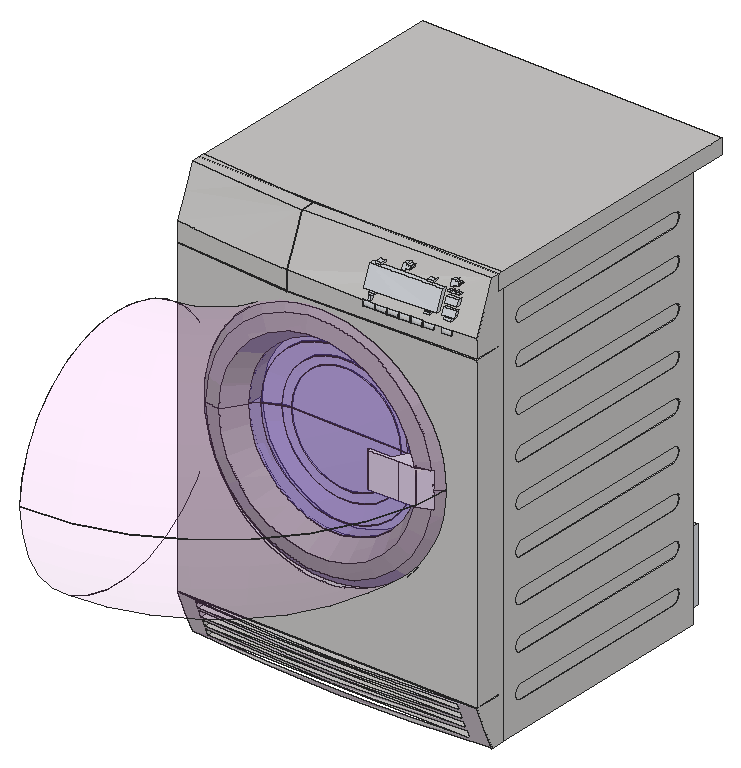
Revit family "QF_ELECTROLUXPROFESSIONAL_1L0DEJ_TE1120P_E", category Attrezzature speciali, Revit 2021
Family settings
  Quota connettore circolare = Usa diametro
  Tipo di parte = Normale
  Basato su piano di lavoro = No
  Sempre verticale = Sì
  Taglio con vuoti quando caricato = No
  Condiviso = No
  Punto di calcolo locali = No
Parameters (values of type "916098136")
  Width = 596.5 mm
  Weight = 44
  Watts = 0 W
  Volts = 230 V
  URL = "www.electroluxprofessional.com"
  Steam Pounds per Hour = 0
  Sensible Heat Output = "0.0"
  Prospetto di default = 0 mm
  Produttore = "Electrolux Professional"
  Phase = 1
  Modello = "TE1120P"
  Length Actual = 596 mm
  Latent Heat Output = "0.0"
  Item Number = "1L0DFA"
  Height Actual = 850 mm
  Height = 850 mm
  Gas KW = 0
  Descrizione = "myPROzip SMART PROFESSIONAL TUMBLE DRYER TE1120P 8KG CONDENSE 220-240/50/1N 2,8KW SYMBOLS SCHUKO SST/DARK BLUE"
  Depth Actual = 625 mm
  Depth = 625 mm
  Cycle = 50 Hz
  Corrente [instance] = "12.2"
Reference planes
  plane 1 "Center (Front/Back)": y = 0
  plane 2: z = 0
  plane 3 "Center (Left/Right)": x = 0
  plane 4 "LEFT": x = -298.25
  plane 5 "RIGHT": x = 298.25
  plane 6 "BACK": y = 312.5
  plane 7 "FRONT": y = -312.5
  plane 8 "voidPanel": through (0, -279.09, 846.678) normal (0, -0.9308, 0.3656)
Forms (mm)
  Extrusion 1, void
    sketch origin (0, 0, 0) x (1, 0, 0) y (0, 1, 0)
      loop
        line (298.25, -312.5) -> (348.25, -312.5) -> (348.25, -207.1) -> (298.25, -207.1) -> (298.25, -312.5)
    from 0 to 850
  Extrusion 2, void
    sketch origin (0, 0, 0) x (1, 0, 0) y (0, 1, 0)
      loop
        line (-298.25, -312.5) -> (-298.25, -207.1) -> (-348.25, -207.1) -> (-348.25, -312.5) -> (-298.25, -312.5)
    from 0 to 850
  Revolve 3, solid, material "QF_Finishes_Stainless Steel"
    sketch origin (0, 0, 0) x (0, 1, 0) y (0, 0, 1)
      loop
        line (-274.523, 850) -> (-312.5, 758.7) -> (-312.5, 96.5) -> (-275.82, 10.099) -> (-247.797, 10.099) -> (-247.797, 850) -> (-274.523, 850)
      axis (2690.37, 850) -> (2690.37, 10.099)
    angle from -6 to 6
  Extrusion 4, solid, material "QF_Finishes_Stainless Steel"
    sketch origin (0, 0, 0) x (1, 0, 0) y (0, 1, 0)
      loop
        line (-298.25, 242.203) -> (-298.25, -242.62) -> (298.25, -242.62) -> (298.25, 242.203) -> (-298.25, 242.203)
    from 10 to 820
  Extrusion 5, solid, material "QF_Finishes_Stainless Steel"
    sketch origin (0, 0, 820) x (-1, 0, 0) y (0, -1, 0)
      loop
        line (298.25, -312.5) -> (298.25, 242.62)
        arc (298.25, 242.62) -> (0, 256.083) -> (-298.25, 242.62) r 3310.343
        line (-298.25, 242.62) -> (-298.25, -312.5) -> (298.25, -312.5)
    from 0 to 30
  Extrusion 6, void
    sketch origin (0, -312.5, 0) x (0, 0, 1) y (-1, 0, 0)
      loop
        circle (470, 0) r 242.757
    from 0 to -500.517
  Revolve 7, solid, material "QF_Finishes_Gray"
    sketch origin (0, 0, 470) x (-1, 0, 0) y (0, -1, 0)
      loop
        line (245.674, 247.797) -> (245.674, 301.649) -> (226.774, 315.823) -> (196.73, 322.467) -> (170.5, 280.146) -> (170.5, 247.797) -> (245.674, 247.797)
      axis (0, 247.797) -> (0, 322.467)
    angle from 0 to 360
  Revolve 8, solid, material "Glass"
    sketch origin (0, 0, 470) x (-1, 0, 0) y (0, -1, 0)
      loop
        line (156.034, 267.121) -> (125.785, 252.816)
        arc (125.785, 252.816) -> (117.42, 250.476) -> (108.77, 249.687) r 47.824
        line (108.77, 249.687) -> (0, 249.687) -> (0, 247.687) -> (108.77, 247.687)
        arc (108.77, 247.687) -> (117.82, 248.516) -> (126.57, 250.975) r 49.824
        line (126.57, 250.975) -> (156.889, 265.313)
        arc (156.889, 265.313) -> (164.396, 270.082) -> (170.5, 276.551) r 35.892
        line (170.5, 276.551) -> (170.5, 280.146)
        arc (170.5, 280.146) -> (164.222, 272.572) -> (156.034, 267.121) r 33.892
      axis (0, 247.687) -> (0, 280.146)
    angle from 0 to 360
  Extrusion 9, void
    sketch origin (0, 0, 470) x (-1, 0, 0) y (0, -1, 0)
      loop
        line (288.25, -232.203) -> (288.25, 237.797) -> (-288.25, 237.797) -> (-288.25, -232.203) -> (288.25, -232.203)
    from -434.1 to 332.6
  Extrusion 10, solid
    sketch origin (0, 0, 852.516) x (-1, 0, 0) y (0, -1, 0)
      loop
        line (-148.308, 321.998) -> (-106.952, 321.998)
        arc (-106.952, 321.998) -> (-103.946, 325.004) -> (-106.952, 328.01) r 3.006
        line (-106.952, 328.01) -> (-166.755, 328.01)
        arc (-166.755, 328.01) -> (-197.368, 324.932) -> (-226.757, 315.823) r 153.806
        line (-226.757, 315.823) -> (-196.713, 322.467) -> (-170.483, 280.146) -> (-148.308, 321.998)
    from -417.516 to -347.516
  Extrusion 11, void
    sketch origin (0, 0, 0) x (0, 1, 0) y (0, 0, 1)
      loop
        line (-186.583, 738.954) -> (193.417, 738.954)
        arc (193.417, 738.954) -> (208.417, 753.954) -> (193.417, 768.954) r 15
        line (193.417, 768.954) -> (-186.583, 768.954)
        arc (-186.583, 768.954) -> (-201.583, 753.954) -> (-186.583, 738.954) r 15
      loop
        line (-186.583, 659.854) -> (193.417, 659.854)
        arc (193.417, 659.854) -> (208.417, 674.854) -> (193.417, 689.854) r 15
        line (193.417, 689.854) -> (-186.583, 689.854)
        arc (-186.583, 689.854) -> (-201.583, 674.854) -> (-186.583, 659.854) r 15
      loop
        arc (193.417, 574.854) -> (208.417, 589.854) -> (193.417, 604.854) r 15
        line (193.417, 604.854) -> (-186.583, 604.854)
        arc (-186.583, 604.854) -> (-201.583, 589.854) -> (-186.583, 574.854) r 15
        line (-186.583, 574.854) -> (193.417, 574.854)
      loop
        arc (-186.583, 519.854) -> (-201.583, 504.854) -> (-186.583, 489.854) r 15
        line (-186.583, 489.854) -> (193.417, 489.854)
        arc (193.417, 489.854) -> (208.417, 504.854) -> (193.417, 519.854) r 15
        line (193.417, 519.854) -> (-186.583, 519.854)
      loop
        arc (-186.583, 434.854) -> (-201.583, 419.854) -> (-186.583, 404.854) r 15
        line (-186.583, 404.854) -> (193.417, 404.854)
        arc (193.417, 404.854) -> (208.417, 419.854) -> (193.417, 434.854) r 15
        line (193.417, 434.854) -> (-186.583, 434.854)
      loop
        line (-186.583, 319.854) -> (193.417, 319.854)
        arc (193.417, 319.854) -> (208.417, 334.854) -> (193.417, 349.854) r 15
        line (193.417, 349.854) -> (-186.583, 349.854)
        arc (-186.583, 349.854) -> (-201.583, 334.854) -> (-186.583, 319.854) r 15
      loop
        arc (-186.583, 264.854) -> (-201.583, 249.854) -> (-186.583, 234.854) r 15
        line (-186.583, 234.854) -> (193.417, 234.854)
        arc (193.417, 234.854) -> (208.417, 249.854) -> (193.417, 264.854) r 15
        line (193.417, 264.854) -> (-186.583, 264.854)
      loop
        arc (-186.583, 179.854) -> (-201.583, 164.854) -> (-186.583, 149.854) r 15
        line (-186.583, 149.854) -> (193.417, 149.854)
        arc (193.417, 149.854) -> (208.417, 164.854) -> (193.417, 179.854) r 15
        line (193.417, 179.854) -> (-186.583, 179.854)
      loop
        arc (-186.583, 94.854) -> (-201.583, 79.854) -> (-186.583, 64.854) r 15
        line (-186.583, 64.854) -> (193.417, 64.854)
        arc (193.417, 64.854) -> (208.417, 79.854) -> (193.417, 94.854) r 15
        line (193.417, 94.854) -> (-186.583, 94.854)
    from 295 to 298.25
  Extrusion 12, void
    sketch origin (-298.25, 0, 0) x (0, 0, 1) y (0, -1, 0)
      loop
        line (768.954, -193.417) -> (768.954, 186.583)
        arc (768.954, 186.583) -> (753.954, 201.583) -> (738.954, 186.583) r 15
        line (738.954, 186.583) -> (738.954, -193.417)
        arc (738.954, -193.417) -> (753.954, -208.417) -> (768.954, -193.417) r 15
      loop
        arc (659.854, -193.417) -> (674.854, -208.417) -> (689.854, -193.417) r 15
        line (689.854, -193.417) -> (689.854, 186.583)
        arc (689.854, 186.583) -> (674.854, 201.583) -> (659.854, 186.583) r 15
        line (659.854, 186.583) -> (659.854, -193.417)
      loop
        line (604.854, -193.417) -> (604.854, 186.583)
        arc (604.854, 186.583) -> (589.854, 201.583) -> (574.854, 186.583) r 15
        line (574.854, 186.583) -> (574.854, -193.417)
        arc (574.854, -193.417) -> (589.854, -208.417) -> (604.854, -193.417) r 15
      loop
        arc (489.854, -193.417) -> (504.854, -208.417) -> (519.854, -193.417) r 15
        line (519.854, -193.417) -> (519.854, 186.583)
        arc (519.854, 186.583) -> (504.854, 201.583) -> (489.854, 186.583) r 15
        line (489.854, 186.583) -> (489.854, -193.417)
      loop
        line (404.854, 186.583) -> (404.854, -193.417)
        arc (404.854, -193.417) -> (419.854, -208.417) -> (434.854, -193.417) r 15
        line (434.854, -193.417) -> (434.854, 186.583)
        arc (434.854, 186.583) -> (419.854, 201.583) -> (404.854, 186.583) r 15
      loop
        arc (319.854, -193.417) -> (334.854, -208.417) -> (349.854, -193.417) r 15
        line (349.854, -193.417) -> (349.854, 186.583)
        arc (349.854, 186.583) -> (334.854, 201.583) -> (319.854, 186.583) r 15
        line (319.854, 186.583) -> (319.854, -193.417)
      loop
        arc (264.854, 186.583) -> (249.854, 201.583) -> (234.854, 186.583) r 15
        line (234.854, 186.583) -> (234.854, -193.417)
        arc (234.854, -193.417) -> (249.854, -208.417) -> (264.854, -193.417) r 15
        line (264.854, -193.417) -> (264.854, 186.583)
      loop
        arc (149.854, -193.417) -> (164.854, -208.417) -> (179.854, -193.417) r 15
        line (179.854, -193.417) -> (179.854, 186.583)
        arc (179.854, 186.583) -> (164.854, 201.583) -> (149.854, 186.583) r 15
        line (149.854, 186.583) -> (149.854, -193.417)
      loop
        line (94.854, -193.417) -> (94.854, 186.583)
        arc (94.854, 186.583) -> (79.854, 201.583) -> (64.854, 186.583) r 15
        line (64.854, 186.583) -> (64.854, -193.417)
        arc (64.854, -193.417) -> (79.854, -208.417) -> (94.854, -193.417) r 15
    from 0 to 3.25
  Extrusion 13, solid
    sketch origin (0, 0, 0) x (1, 0, 0) y (0, 1, 0)
      loop
        circle (-263.25, 215.1) r 20
    from 2.599 to 10
  Extrusion 14, solid
    sketch origin (0, 0, 0) x (1, 0, 0) y (0, 1, 0)
      loop
        circle (-263.25, 215.1) r 11
    from 0 to 3
  Extrusion 15, solid
    sketch origin (0, 0, 0) x (1, 0, 0) y (0, 1, 0)
      loop
        circle (263.25, 215.1) r 20
    from 3 to 10
  Extrusion 16, solid
    sketch origin (0, 0, 0) x (1, 0, 0) y (0, 1, 0)
      loop
        circle (263.25, 215.1) r 11
    from 0 to 3
  Extrusion 17, solid
    sketch origin (0, 0, 0) x (1, 0, 0) y (0, 1, 0)
      loop
        circle (-263.25, -211.3) r 20
    from 3 to 10
  Extrusion 18, solid
    sketch origin (0, 0, 0) x (1, 0, 0) y (0, 1, 0)
      loop
        circle (-263.25, -211.3) r 11
    from 0 to 3
  Extrusion 19, solid
    sketch origin (0, 0, 0) x (1, 0, 0) y (0, 1, 0)
      loop
        circle (263.25, -211.3) r 20
    from 3 to 10
  Extrusion 20, solid
    sketch origin (0, 0, 0) x (1, 0, 0) y (0, 1, 0)
      loop
        circle (263.25, -211.3) r 11
    from 0 to 3
  Extrusion 21, solid
    sketch origin (66, 242.203, -35.6) x (0, 0, 1) y (1, 0, 0)
      loop
        circle (770.6, 175.06) r 5
    from 0 to 10
  Revolve 22, void
    sketch origin (-230.316, 19.843, 0) x (-0.085839, -0.996309, 0) y (0, 0, 1)
      loop
        arc (300.921, 759.87) -> (305.932, 740.04) -> (319.761, 724.969) r 41.748
        line (319.761, 724.969) -> (319.761, 759.87) -> (300.921, 759.87)
      axis (-2683.13, 759.87) -> (-2683.13, 724.969)
    angle from 0 to 2.65
  Extrusion 23, void
    sketch origin (0, -312.5, 0) x (0, 0, 1) y (-1, 0, 0)
      loop
        line (747.324, -82.491) -> (747.324, -105.291) -> (759.324, -105.291) -> (759.324, -82.491) -> (747.324, -82.491)
    from -4.2 to 3
  Extrusion 24, void
    sketch origin (0, -312.5, 0) x (0, 0, 1) y (-1, 0, 0)
      loop
        line (747.324, -105.691) -> (747.324, -128.291) -> (759.324, -128.291) -> (759.324, -105.691) -> (747.324, -105.691)
    from -5 to 3
  Extrusion 25, void
    sketch origin (0, -312.5, 0) x (0, 0, 1) y (-1, 0, 0)
      loop
        line (747.324, -128.691) -> (747.324, -151.291) -> (759.324, -151.291) -> (759.324, -128.691) -> (747.324, -128.691)
    from -6 to 3
  Extrusion 26, void
    sketch origin (0, -312.5, 0) x (0, 0, 1) y (-1, 0, 0)
      loop
        line (747.324, -151.691) -> (747.324, -174.291) -> (759.324, -174.291) -> (759.324, -151.691) -> (747.324, -151.691)
    from -7 to 3
  Extrusion 27, void
    sketch origin (0, -312.5, 0) x (0, 0, 1) y (-1, 0, 0)
      loop
        line (759.324, -174.691) -> (747.324, -174.691) -> (747.324, -197.291) -> (759.324, -197.291) -> (759.324, -174.691)
    from -8 to 3
  Extrusion 28, void
    sketch origin (0, -312.5, 0) x (0, 0, 1) y (-1, 0, 0)
      loop
        line (759.324, -197.691) -> (747.324, -197.691) -> (747.324, -220.291) -> (759.324, -220.291) -> (759.324, -197.691)
    from -10 to 3
  Extrusion 29, void
    sketch origin (0, -312.5, 0) x (0, 0, 1) y (-1, 0, 0)
      loop
        line (759.324, -231.191) -> (747.324, -231.191) -> (747.324, -253.791) -> (759.324, -253.791) -> (759.324, -231.191)
    from -12 to 3
  Revolve 30, solid
    sketch origin (225.331, 18.987, 3.3) x (-0.083967, 0.996469, 0) y (0, 0, 1)
      loop
        line (-322.415, 744.497) -> (-318.664, 744.497) -> (-318.664, 755.444) -> (-320.867, 755.444)
        arc (-320.867, 755.444) -> (-323.262, 750.2) -> (-322.415, 744.497) r 10.15
      axis (2683.559, 755.444) -> (2683.559, 744.497)
    angle from 0.39 to 0
  Revolve 31, solid
    sketch origin (175.309, 11.964, 2.773) x (-0.065247, 0.997869, 0) y (0, 0, 1)
      loop
        arc (-316.803, 755.966) -> (-319.198, 750.722) -> (-318.35, 745.019) r 10.15
        line (-318.35, 745.019) -> (-314.581, 745.019) -> (-314.581, 755.966) -> (-316.803, 755.966)
      axis (2687.331, 755.966) -> (2687.331, 745.019)
    angle from 0 to 0.39
  Revolve 32, solid
    sketch origin (154.929, 8.943, 3.3) x (0.057625, -0.998338, 0) y (0, 0, 1)
      loop
        line (314.383, 755.444) -> (312.161, 755.444) -> (312.161, 744.497) -> (315.93, 744.497)
        arc (315.93, 744.497) -> (316.778, 750.2) -> (314.383, 755.444) r 10.15
      axis (-2688.595, 755.444) -> (-2688.595, 744.497)
    angle from 0 to -0.39
  Revolve 33, solid
    sketch origin (114.028, 4.837, 3.3) x (-0.042379, 0.999102, 0) y (0, 0, 1)
      loop
        arc (-312.044, 755.444) -> (-314.439, 750.2) -> (-313.591, 744.497) r 10.15
        line (-313.591, 744.497) -> (-309.822, 744.497) -> (-309.822, 755.444) -> (-312.044, 755.444)
      axis (2690.65, 755.444) -> (2690.65, 744.497)
    angle from 0 to 0.39
  Revolve 34, solid
    sketch origin (93.547, 3.253, 3.3) x (0.034757, -0.999396, 0) y (0, 0, 1)
      loop
        line (310.993, 755.444) -> (308.772, 755.444) -> (308.772, 744.497) -> (312.541, 744.497)
        arc (312.541, 744.497) -> (313.388, 750.2) -> (310.993, 755.444) r 10.15
      axis (-2691.442, 755.444) -> (-2691.442, 744.497)
    angle from 0 to -0.39
  Revolve 35, solid
    sketch origin (195.713, 14.299, 3.236) x (-0.072866, 0.997342, 0) y (0, 0, 1)
      loop
        line (-314.873, 744.555) -> (-314.873, 755.526) -> (-317.167, 755.526)
        arc (-317.167, 755.526) -> (-319.568, 750.27) -> (-318.708, 744.555) r 10.141
        line (-318.708, 744.555) -> (-314.873, 744.555)
      axis (2685.911, 755.526) -> (2685.911, 744.555)
    angle from 0 to 0.39
  Revolve 36, solid
    sketch origin (134.491, 6.733, 3.3) x (-0.050002, 0.998749, 0) y (0, 0, 1)
      loop
        line (-314.545, 744.497) -> (-310.794, 744.497) -> (-310.794, 755.444) -> (-312.997, 755.444)
        arc (-312.997, 755.444) -> (-315.392, 750.2) -> (-314.545, 744.497) r 10.15
      axis (2689.701, 755.444) -> (2689.701, 744.497)
    angle from 0 to 0.39
  Extrusion 37, void
    sketch origin (-298.25, 0, 0) x (0, 0, 1) y (0, -1, 0)
      loop
        line (850, 243.476) -> (850, 327.13) -> (718.7, 327.13) -> (718.7, 243.476) -> (850, 243.476)
    from 229 to 231.5
  Extrusion 38, void
    sketch origin (298.25, 0, 0) x (0, 0, 1) y (0, -1, 0)
      loop
        line (722, 242.62) -> (722, 333.453) -> (719.5, 333.453) -> (719.5, 242.62) -> (722, 242.62)
    from -600 to 3
  Extrusion 39, void
    sketch origin (298.25, 0, 0) x (0, 0, 1) y (0, -1, 0)
      loop
        line (96.5, 322.797) -> (96.5, 242.62) -> (99, 242.62) -> (99, 322.797) -> (96.5, 322.797)
    from -600 to 3
  Extrusion 40, solid
    sketch origin (0, -312.5, 0) x (0, 0, 1) y (-1, 0, 0)
      loop
        line (819.143, -91.989) -> (819.143, -101.989) -> (822.143, -101.989) -> (822.143, -91.989) -> (819.143, -91.989)
      loop
        line (772.15, -91.989) -> (772.15, -101.989) -> (775.15, -101.989) -> (775.15, -91.989) -> (772.15, -91.989)
      loop
        line (762.775, -93.928) -> (762.775, -97.928) -> (769.475, -97.928) -> (769.475, -93.928) -> (762.775, -93.928)
      loop
        line (819.143, -191.861) -> (819.143, -201.861) -> (822.143, -201.861) -> (822.143, -191.861) -> (819.143, -191.861)
      loop
        line (772.15, -198.861) -> (772.15, -208.861) -> (775.15, -208.861) -> (775.15, -198.861) -> (772.15, -198.861)
      loop
        line (814.446, -230.991) -> (814.446, -237.491) -> (816.946, -237.491) -> (816.946, -230.991) -> (814.446, -230.991)
      loop
        line (816.946, -239.241) -> (814.446, -239.241) -> (814.446, -245.741) -> (816.946, -245.741) -> (816.946, -239.241)
      loop
        line (816.946, -247.491) -> (814.446, -247.491) -> (814.446, -253.991) -> (816.946, -253.991) -> (816.946, -247.491)
      loop
        line (808.046, -230.991) -> (796.046, -230.991) -> (796.046, -253.991) -> (808.046, -253.991) -> (808.046, -230.991)
      loop
        line (791.046, -230.991) -> (779.046, -230.991) -> (779.046, -253.991) -> (791.046, -253.991) -> (791.046, -230.991)
      loop
        line (773.046, -235.991) -> (773.046, -248.991) -> (776.546, -248.991) -> (776.546, -235.991) -> (773.046, -235.991)
      loop
        line (815.845, -81.665) -> (778.345, -81.665) -> (778.345, -221.665) -> (815.845, -221.665) -> (815.845, -81.665)
      loop
        line (823.434, -141.668) -> (823.434, -148.168) -> (825.186, -148.168)
        arc (825.186, -148.168) -> (825.862, -148.43) -> (826.186, -149.079) r 1.004
        line (826.186, -149.079) -> (826.761, -155.285)
        arc (826.761, -155.285) -> (827.085, -155.934) -> (827.761, -156.196) r 1.004
        line (827.761, -156.196) -> (830.526, -156.196)
        arc (830.526, -156.196) -> (831.202, -155.934) -> (831.526, -155.285) r 1.004
        line (831.526, -155.285) -> (832.101, -149.079)
        arc (832.101, -149.079) -> (832.559, -148.326) -> (833.434, -148.224) r 1.004
        line (833.434, -148.224) -> (833.434, -141.668) -> (823.434, -141.668)
      loop
        line (823.434, -233.563) -> (823.434, -240.063) -> (825.186, -240.063)
        arc (825.186, -240.063) -> (825.862, -240.325) -> (826.186, -240.974) r 1.004
        line (826.186, -240.974) -> (826.761, -247.18)
        arc (826.761, -247.18) -> (827.085, -247.829) -> (827.761, -248.091) r 1.004
        line (827.761, -248.091) -> (830.526, -248.091)
        arc (830.526, -248.091) -> (831.202, -247.829) -> (831.526, -247.18) r 1.004
        line (831.526, -247.18) -> (832.101, -240.974)
        arc (832.101, -240.974) -> (832.559, -240.222) -> (833.434, -240.12) r 1.004
        line (833.434, -240.12) -> (833.434, -233.563) -> (823.434, -233.563)
    from -45.246 to 6
  Revolve 41, void
    sketch origin (0, 0, 0) x (0, 1, 0) y (0, 0, 1)
      loop
        line (-316.301, 758.952) -> (-278.984, 853.952) -> (-329.707, 853.952) -> (-329.707, 758.952) -> (-316.301, 758.952)
      axis (2690.37, 853.952) -> (2690.37, 758.952)
    angle from 1 to -6
  Revolve 42, void
    sketch origin (0, 0, 0) x (0, 1, 0) y (0, 0, 1)
      loop
        line (-273.427, 839.015) -> (-303.994, 761.2) -> (-262.303, 761.2) -> (-262.303, 839.015) -> (-273.427, 839.015)
      axis (2690.37, 839.015) -> (2690.37, 761.2)
    angle from 1 to -5
  Revolve 43, solid, material "QF_Door-Drawer Clearances"
    sketch origin (0, -271.25, 0) x (-1, 0, 0) y (0, 0, 1)
      loop
        circle (-1.368, 470) r 244.125
      axis (242.774, 470) -> (242.774, 469)
    angle from 0 to 90
  Extrusion 44, void
    sketch origin (0, -312.5, 0) x (0, 0, 1) y (-1, 0, 0)
      loop
        line (94, 260.75) -> (80, 260.75) -> (80, -261.25) -> (94, -261.25) -> (94, 260.75)
      loop
        line (74, 260.75) -> (60, 260.75) -> (60, -261.25) -> (74, -261.25) -> (74, 260.75)
      loop
        line (54, 260.75) -> (40, 260.75) -> (40, -261.25) -> (54, -261.25) -> (54, 260.75)
      loop
        line (34, 260.75) -> (20, 260.75) -> (20, -261.25) -> (34, -261.25) -> (34, 260.75)
    from -91.438 to 3
  Extrusion 45, solid
    sketch origin (0, 242.203, 0) x (0, 0, 1) y (1, 0, 0)
      loop
        line (278.63, -252.495) -> (389.816, -207.414) -> (460.2, -240.618)
        arc (460.2, -240.618) -> (584.111, -257.767) -> (695.694, -201.223) r 209.429
        arc (695.694, -201.223) -> (784.615, -65.119) -> (777.879, 97.319) r 266.4
        arc (777.879, 97.319) -> (678.38, 225.893) -> (522.686, 272.699) r 266.4
        arc (522.686, 272.699) -> (400.917, 244.057) -> (317.197, 151.111) r 209.429
        line (317.197, 151.111) -> (284.759, 80.371) -> (165.518, 32.025) -> (47.549, 32.025) -> (47.549, -15.806) -> (10, -15.806) -> (10, -252.495) -> (278.63, -252.495)
    from 0 to 15
  Blend 46, solid
    base sketch origin (0, 242.203, 0) x (0, 0, 1) y (1, 0, 0)
      loop
        line (289.712, 68.155) -> (174.986, 21.639) -> (10, 21.639) -> (10, -235.481) -> (278.63, -235.481) -> (384.922, -192.385) -> (501.616, -199.666)
        arc (501.616, -199.666) -> (704.606, 72.534) -> (373.752, 148.911) r 202.765
        line (373.752, 148.911) -> (289.712, 68.155)
    top sketch origin (0, 242.203, 0) x (0, 0, 1) y (1, 0, 0)
      loop
        line (425.069, 116.303) -> (307.228, 24.954) -> (208.47, -15.088) -> (10, -15.088) -> (10, -202.083) -> (165.518, -202.083) -> (278.63, -188.128) -> (371.298, -150.555) -> (518.478, -141.65)
        arc (518.478, -141.65) -> (650.033, 51.877) -> (425.069, 116.303) r 144.418
    from 15 to 55
  Extrusion 47, solid
    sketch origin (0, 242.203, 0) x (0, 0, 1) y (1, 0, 0)
      loop
        line (10, 263.25) -> (10, 21.639) -> (47.549, 21.639) -> (47.549, 129.16) -> (133.248, 129.16) -> (154.843, 248.035) -> (154.843, 263.25) -> (10, 263.25)
    from 0 to 55
  Extrusion 48, solid
    sketch origin (0, 242.203, 0) x (0, 0, 1) y (1, 0, 0)
      loop
        circle (688, -254.25) r 6.35
    from 0 to 3
  Extrusion 49, solid
    sketch origin (0, 242.203, 0) x (0, 0, 1) y (1, 0, 0)
      loop
        circle (779, -209.25) r 6.35
    from 0 to 3
  Extrusion 50, void
    sketch origin (0, 312.5, 0) x (0, 0, 1) y (-1, 0, 0)
      loop
        line (10, 15.806) -> (45, 15.806) -> (45, 55.806) -> (10, 55.806) -> (10, 15.806)
    from 15.297 to 35.3
  Extrusion 51, solid
    sketch origin (0, 242.203, 0) x (0, 0, 1) y (1, 0, 0)
      loop
        circle (27.5, -35.806) r 12.7
    from 34.997 to 55
Cuts and joins
  Extrusion 9, Extrusion 11, Extrusion 12, Revolve 22, Extrusion 38, Extrusion 39 cuts Extrusion 4
  Extrusion 1, Extrusion 2, Extrusion 6, Revolve 22, Extrusion 23, Extrusion 24, Extrusion 25, Extrusion 26, Extrusion 27, Extrusion 28, Extrusion 29, Extrusion 37, Extrusion 38, Extrusion 39, Revolve 42, Extrusion 44 cuts Revolve 3
  Revolve 41, Revolve 42 cuts Extrusion 40
  Extrusion 50 cuts Blend 46
Lines and regions (mm)
  model lines
    curve 1: line (253.366, -313.716, 0) -> (253.669, -317.455, 0)
  symbolic lines, style "QF_Door-Drawer Clearances"
    curve 2: line (-242.774, -758.898, 744.475) -> (-242.774, -271.25, 744.475)
    curve 3: line (-242.774, -759.517, 744.475) -> (-239.774, -759.517, 744.475)
    curve 4: arc (-242.774, -759.517, 744.475) -> (91.088, -627.537, 744.475) -> (244.463, -302.947, 744.475) r 488.267
Dimensions and locks
  equal spacing: plane 5 "RIGHT", plane 3 "Center (Left/Right)", plane 4 "LEFT"
  "Width": plane 5 "RIGHT" to plane 4 "LEFT"
  equal spacing: plane 7 "FRONT", plane 1 "Center (Front/Back)", plane 6 "BACK"
  "Depth": plane 7 "FRONT" to plane 6 "BACK"
  plane 7 "FRONT" to plane 6 "BACK" = 625 mm
  curve 3 to plane 6 "BACK" = 1072.017 mm
  cut or joined group 1 (Extrusion 1, Extrusion 2, Revolve 3, Extrusion 6, Revolve 22, Extrusion 23, Extrusion 24, Extrusion 25, Extrusion 26, Extrusion 27, Extrusion 28, Extrusion 29, Extrusion 37, Extrusion 38, Extrusion 39, Revolve 42, Extrusion 44) to cut or joined group 1 = 128 mm
  cut or joined group 1 to cut or joined group 1 = 711.901 mm
  cut or joined group 1 to level = 850 mm
  aligned and locked: level to plane 2
Automatic sketch dimensions
  Extrusion 1 sketch curve to plane 5 "RIGHT" = 0 mm
  plane 7 "FRONT" to Extrusion 1 sketch curve = 0 mm
  Extrusion 1 sketch curve to Extrusion 1 sketch curve = 50 mm
  plane 7 "FRONT" to Extrusion 2 sketch curve = 0 mm
  Extrusion 2 sketch curve to plane 4 "LEFT" = 0 mm
  Extrusion 2 sketch curve to Extrusion 2 sketch curve = 50 mm
  Extrusion 4 sketch curve to plane 4 "LEFT" = 0 mm
  Extrusion 4 sketch curve to plane 5 "RIGHT" = 0 mm
  Extrusion 6 sketch curve to plane 3 "Center (Left/Right)" = 0 mm
  Revolve 7 sketch curve to plane 3 "Center (Left/Right)" = 0 mm
  plane 7 "FRONT" to Revolve 7 sketch curve = 3.323 mm
  Revolve 7 sketch curve to Revolve 7 sketch curve = 32.349 mm
  Revolve 7 sketch curve to plane 7 "FRONT" = 10.851 mm
  plane 7 "FRONT" to Revolve 7 sketch curve = 9.967 mm
  Revolve 7 sketch curve to plane 6 "BACK" = 1134.072 mm
  plane 7 "FRONT" to Revolve 7 sketch curve = 1124.917 mm
  Revolve 8 sketch curve to Revolve 8 sketch curve = 0 mm  (x5)
  Revolve 8 sketch curve to plane 3 "Center (Left/Right)" = 0 mm  (x2)
  Revolve 8 sketch curve to Revolve 8 sketch curve = 0.785 mm
  Revolve 8 sketch curve to Revolve 8 sketch curve = 0.855 mm
  Revolve 8 sketch curve to Revolve 8 sketch curve = 14.466 mm
  Revolve 8 sketch curve to Revolve 8 sketch curve = 1.288 mm
  Revolve 8 sketch curve to Revolve 8 sketch curve = 1.808 mm
  Revolve 8 sketch curve to Revolve 8 sketch curve = 9.43 mm
  Revolve 8 sketch curve to plane 6 "BACK" = 1134.072 mm
  plane 7 "FRONT" to Revolve 8 sketch curve = 1124.917 mm
  plane 7 "FRONT" to Extrusion 10 sketch curve = 3.323 mm
  plane 7 "FRONT" to Extrusion 10 sketch curve = 9.967 mm
  plane 7 "FRONT" to Extrusion 10 sketch curve = 9.498 mm
  Extrusion 10 sketch curve to Extrusion 10 sketch curve = 18.446 mm
  Extrusion 10 sketch curve to Extrusion 10 sketch curve = 41.357 mm
  Extrusion 11 sketch curve to Extrusion 11 sketch curve = 15 mm  (x9)
  Extrusion 11 sketch curve to Extrusion 11 sketch curve = 55 mm  (x7)
  Extrusion 12 sketch curve to Extrusion 12 sketch curve = 55 mm  (x7)
  Extrusion 12 sketch curve to Extrusion 12 sketch curve = 15 mm  (x9)
  Revolve 22 sketch curve to Revolve 22 sketch curve = 18.839 mm
  Revolve 22 sketch curve to Revolve 22 sketch curve = 22.908 mm
  Revolve 22 sketch curve to Revolve 22 sketch curve = 2984.051 mm
  Extrusion 23 sketch curve to Extrusion 23 sketch curve = 22.8 mm
  Extrusion 24 sketch curve to Extrusion 24 sketch curve = 22.6 mm
  Extrusion 25 sketch curve to Extrusion 25 sketch curve = 22.6 mm
  Extrusion 26 sketch curve to Extrusion 26 sketch curve = 22.6 mm
  Extrusion 28 sketch curve to Extrusion 28 sketch curve = 22.6 mm
  Revolve 30 sketch curve to Revolve 30 sketch curve = 1.547 mm
  Revolve 30 sketch curve to Revolve 30 sketch curve = 2.203 mm
  Revolve 30 sketch curve to Revolve 30 sketch curve = 2996.771 mm
  Revolve 31 sketch curve to Revolve 31 sketch curve = 1.547 mm
  Revolve 31 sketch curve to Revolve 31 sketch curve = 3.769 mm
  Revolve 31 sketch curve to Revolve 31 sketch curve = 2996.479 mm
  Revolve 32 sketch curve to Revolve 32 sketch curve = 5.433 mm
  Revolve 32 sketch curve to Revolve 32 sketch curve = 2.222 mm
  Revolve 32 sketch curve to Revolve 32 sketch curve = 3.769 mm
  Revolve 32 sketch curve to Revolve 32 sketch curve = 2995.322 mm
  Revolve 33 sketch curve to Revolve 33 sketch curve = 1.548 mm
  Revolve 33 sketch curve to Revolve 33 sketch curve = 3.769 mm
  Revolve 33 sketch curve to Revolve 33 sketch curve = 2995.039 mm
  Revolve 34 sketch curve to Revolve 34 sketch curve = 5.433 mm
  Revolve 34 sketch curve to Revolve 34 sketch curve = 2.222 mm
  Revolve 34 sketch curve to Revolve 34 sketch curve = 3.769 mm
  Revolve 34 sketch curve to Revolve 34 sketch curve = 2994.781 mm
  Revolve 35 sketch curve to Revolve 35 sketch curve = 1.541 mm
  Revolve 35 sketch curve to Revolve 35 sketch curve = 3.835 mm
  Revolve 35 sketch curve to Revolve 35 sketch curve = 2995.436 mm
  Revolve 36 sketch curve to Revolve 36 sketch curve = 1.547 mm
  Revolve 36 sketch curve to Revolve 36 sketch curve = 2.203 mm
  Revolve 36 sketch curve to Revolve 36 sketch curve = 2995.043 mm
  plane 7 "FRONT" to Extrusion 37 sketch curve = 14.63 mm
  Extrusion 38 sketch curve to Extrusion 38 sketch curve = 2.5 mm
  plane 7 "FRONT" to Extrusion 38 sketch curve = 20.953 mm
  Extrusion 39 sketch curve to Extrusion 39 sketch curve = 2.5 mm
  plane 7 "FRONT" to Extrusion 39 sketch curve = 10.297 mm
  Extrusion 40 sketch curve to Extrusion 40 sketch curve = 5 mm  (x3)
  Extrusion 40 sketch curve to Extrusion 40 sketch curve = 2.5 mm  (x4)
  Extrusion 40 sketch curve to Extrusion 40 sketch curve = 6.7 mm
  Extrusion 40 sketch curve to Extrusion 40 sketch curve = 0 mm  (x4)
  Extrusion 40 sketch curve to Extrusion 40 sketch curve = 3 mm  (x4)
  Extrusion 40 sketch curve to Extrusion 40 sketch curve = 1.752 mm  (x2)
  Extrusion 40 sketch curve to Extrusion 40 sketch curve = 1 mm  (x8)
  Extrusion 40 sketch curve to Extrusion 40 sketch curve = 0.576 mm  (x2)
  Extrusion 40 sketch curve to Extrusion 40 sketch curve = 2.765 mm  (x2)
  Extrusion 40 sketch curve to Extrusion 40 sketch curve = 5.916 mm  (x2)
  Extrusion 40 sketch curve to Extrusion 40 sketch curve = 0.333 mm  (x2)
  Extrusion 40 sketch curve to Extrusion 40 sketch curve = 0.911 mm  (x4)
  Extrusion 40 sketch curve to Extrusion 40 sketch curve = 6.5 mm  (x3)
  Extrusion 40 sketch curve to Extrusion 40 sketch curve = 1.75 mm  (x2)
  Extrusion 40 sketch curve to Extrusion 40 sketch curve = 6.113 mm  (x4)
  Extrusion 40 sketch curve to Extrusion 40 sketch curve = 0.093 mm  (x4)
  Extrusion 40 sketch curve to Extrusion 40 sketch curve = 13 mm
  Extrusion 40 sketch curve to Extrusion 40 sketch curve = 6.557 mm  (x2)
  Extrusion 40 sketch curve to Extrusion 40 sketch curve = 9.327 mm
  Extrusion 40 sketch curve to Extrusion 40 sketch curve = 12.804 mm
  Extrusion 40 sketch curve to Extrusion 40 sketch curve = 19.804 mm
  Extrusion 40 sketch curve to Extrusion 40 sketch curve = 10 mm  (x3)
  Extrusion 40 sketch curve to Extrusion 40 sketch curve = 39.679 mm  (x2)
  Extrusion 40 sketch curve to Extrusion 40 sketch curve = 4.061 mm
  Extrusion 40 sketch curve to Extrusion 40 sketch curve = 4 mm
  Extrusion 40 sketch curve to Extrusion 40 sketch curve = 1.939 mm
  Extrusion 40 sketch curve to Extrusion 40 sketch curve = 10.324 mm
  plane 7 "FRONT" to Revolve 41 sketch curve = 3.801 mm
  Revolve 41 sketch curve to Revolve 41 sketch curve = 13.406 mm
  Revolve 42 sketch curve to Revolve 42 sketch curve = 11.124 mm
  Revolve 42 sketch curve to plane 7 "FRONT" = 8.506 mm
  Revolve 42 sketch curve to level = 337.362 mm
  plane 3 "Center (Left/Right)" to Revolve 43 sketch curve = 1.368 mm
  Revolve 3 sketch curve to plane 7 "FRONT" = 0 mm
  Revolve 3 sketch curve to level = 337.362 mm
  Revolve 30 sketch curve to Revolve 30 sketch curve = 5.452 mm
  Revolve 31 sketch curve to Revolve 31 sketch curve = 5.433 mm
  Revolve 33 sketch curve to Revolve 33 sketch curve = 5.433 mm
  Revolve 35 sketch curve to Revolve 35 sketch curve = 5.348 mm
  Revolve 36 sketch curve to Revolve 36 sketch curve = 5.452 mm
  Extrusion 40 sketch curve to Extrusion 40 sketch curve = 2.675 mm
  Extrusion 40 sketch curve to Extrusion 40 sketch curve = 0.896 mm
  Extrusion 40 sketch curve to Extrusion 40 sketch curve = 3.5 mm
  Extrusion 40 sketch curve to Extrusion 40 sketch curve = 3.195 mm
  Extrusion 40 sketch curve to Extrusion 40 sketch curve = 12 mm  (x2)
  Extrusion 40 sketch curve to Extrusion 40 sketch curve = 6.4 mm  (x2)
  Extrusion 40 sketch curve to Extrusion 40 sketch curve = 1.399 mm
  Extrusion 40 sketch curve to Extrusion 40 sketch curve = 3.299 mm  (x2)
  Extrusion 40 sketch curve to Extrusion 40 sketch curve = 1.291 mm
  Extrusion 40 sketch curve to Extrusion 40 sketch curve = 6.488 mm
  Revolve 41 sketch curve to Revolve 41 sketch curve = 95 mm
  Revolve 42 sketch curve to Revolve 42 sketch curve = 77.816 mm
  Extrusion 5 sketch curve to plane 5 "RIGHT" = 0 mm
  Extrusion 5 sketch curve to plane 3 "Center (Left/Right)" = 0 mm
  Extrusion 5 sketch curve to plane 4 "LEFT" = 0 mm
  plane 6 "BACK" to Extrusion 5 sketch curve = 0 mm
  Extrusion 29 sketch curve to Extrusion 29 sketch curve = 22.6 mm
  plane 7 "FRONT" to curve 2 = 446.398 mm
  Extrusion 44 sketch curve to Extrusion 44 sketch curve = 14 mm  (x4)
  Extrusion 44 sketch curve to Extrusion 44 sketch curve = 6 mm  (x3)
  plane 3 "Center (Left/Right)" to Extrusion 45 sketch curve = 32.025 mm
  Extrusion 45 sketch curve to Extrusion 45 sketch curve = 117.969 mm
  plane 3 "Center (Left/Right)" to Extrusion 45 sketch curve = 80.371 mm
  Extrusion 45 sketch curve to Extrusion 45 sketch curve = 119.241 mm
  Extrusion 45 sketch curve to Extrusion 45 sketch curve = 32.438 mm
  plane 3 "Center (Left/Right)" to Extrusion 45 sketch curve = 6.343 mm
  Extrusion 45 sketch curve to Extrusion 45 sketch curve = 0.276 mm
  Extrusion 45 sketch curve to Extrusion 45 sketch curve = 21.785 mm
  Extrusion 45 sketch curve to plane 3 "Center (Left/Right)" = 51.209 mm
  Extrusion 45 sketch curve to plane 3 "Center (Left/Right)" = 15.806 mm
  Extrusion 45 sketch curve to Extrusion 45 sketch curve = 0.755 mm
  Extrusion 45 sketch curve to Extrusion 45 sketch curve = 57.474 mm
  Extrusion 45 sketch curve to Extrusion 45 sketch curve = 146.138 mm
  plane 3 "Center (Left/Right)" to Blend 46 sketch curve = 21.639 mm
  plane 3 "Center (Left/Right)" to Blend 46 sketch curve = 68.155 mm
  Blend 46 sketch curve to Blend 46 sketch curve = 114.726 mm
  plane 3 "Center (Left/Right)" to Blend 46 sketch curve = 2.706 mm  (x2)
  Blend 46 sketch curve to Blend 46 sketch curve = 155.518 mm
  Blend 46 sketch curve to plane 3 "Center (Left/Right)" = 15.088 mm
  Blend 46 sketch curve to Blend 46 sketch curve = 42.952 mm
  Blend 46 sketch curve to Blend 46 sketch curve = 113.112 mm
  plane 3 "Center (Left/Right)" to Blend 46 sketch curve = 24.954 mm
  Blend 46 sketch curve to Blend 46 sketch curve = 98.758 mm
  Extrusion 47 sketch curve to plane 5 "RIGHT" = 35 mm
  Extrusion 47 sketch curve to Extrusion 47 sketch curve = 85.699 mm
  Extrusion 47 sketch curve to Extrusion 47 sketch curve = 144.843 mm
  plane 3 "Center (Left/Right)" to Extrusion 47 sketch curve = 21.639 mm
  Revolve 7 sketch curve to Revolve 7 sketch curve = 26.23 mm
  Revolve 8 sketch curve to Revolve 8 sketch curve = 108.77 mm
  Revolve 8 sketch curve to plane 7 "FRONT" = 14.74 mm
  Revolve 8 sketch curve to Revolve 8 sketch curve = 32.775 mm
  Extrusion 10 sketch curve to Extrusion 10 sketch curve = 30.044 mm
  Extrusion 40 sketch curve to Extrusion 40 sketch curve = 2.572 mm
  Extrusion 10 sketch curve to Extrusion 10 sketch curve = 26.23 mm
  plane 3 "Center (Left/Right)" to Extrusion 23 sketch curve = 105.291 mm
  plane 3 "Center (Left/Right)" to Extrusion 24 sketch curve = 128.291 mm
  Extrusion 27 sketch curve to Extrusion 27 sketch curve = 22.6 mm
  Extrusion 40 sketch curve to Extrusion 40 sketch curve = 35.665 mm
  Extrusion 45 sketch curve to Extrusion 45 sketch curve = 70.74 mm
  Extrusion 47 sketch curve to Extrusion 47 sketch curve = 107.522 mm
  Revolve 8 sketch curve to Revolve 8 sketch curve = 17.015 mm
  Revolve 8 sketch curve to Revolve 8 sketch curve = 5.129 mm
  plane 4 "LEFT" to Extrusion 9 sketch curve = 10 mm
  Extrusion 44 sketch curve to Extrusion 44 sketch curve = 0 mm  (x5)
  plane 4 "LEFT" to Revolve 7 sketch curve = 127.75 mm
  Revolve 7 sketch curve to Revolve 7 sketch curve = 30.044 mm
  plane 4 "LEFT" to Revolve 7 sketch curve = 52.576 mm
  plane 4 "LEFT" to Extrusion 13 sketch curve = 35 mm
  plane 4 "LEFT" to Extrusion 14 sketch curve = 35 mm
  plane 4 "LEFT" to Extrusion 17 sketch curve = 35 mm
  plane 4 "LEFT" to Extrusion 18 sketch curve = 35 mm
  plane 4 "LEFT" to curve 2 = 55.476 mm
  plane 4 "LEFT" to Extrusion 44 sketch curve = 37.5 mm
  plane 4 "LEFT" to Extrusion 45 sketch curve = 90.836 mm
  Extrusion 45 sketch curve to Extrusion 45 sketch curve = 33.204 mm
  plane 4 "LEFT" to Extrusion 45 sketch curve = 45.755 mm
  plane 4 "LEFT" to Blend 46 sketch curve = 105.865 mm
  plane 4 "LEFT" to Blend 46 sketch curve = 98.584 mm
  plane 4 "LEFT" to Blend 46 sketch curve = 62.769 mm
  Blend 46 sketch curve to plane 3 "Center (Left/Right)" = 141.65 mm
  Blend 46 sketch curve to Blend 46 sketch curve = 8.905 mm
  Blend 46 sketch curve to Blend 46 sketch curve = 37.573 mm
  plane 4 "LEFT" to Blend 46 sketch curve = 96.167 mm
  plane 4 "LEFT" to Extrusion 48 sketch curve = 44 mm
  plane 4 "LEFT" to Extrusion 49 sketch curve = 89 mm
  Extrusion 10 sketch curve to Extrusion 10 sketch curve = 3.729 mm
  Extrusion 45 sketch curve to Extrusion 45 sketch curve = 15.121 mm
  Extrusion 47 sketch curve to Extrusion 47 sketch curve = 15.215 mm
  Extrusion 9 sketch curve to plane 5 "RIGHT" = 10 mm
  Extrusion 10 sketch curve to plane 5 "RIGHT" = 71.493 mm
  Extrusion 15 sketch curve to plane 5 "RIGHT" = 35 mm
  Extrusion 16 sketch curve to plane 5 "RIGHT" = 35 mm
  Extrusion 19 sketch curve to plane 5 "RIGHT" = 35 mm
  Extrusion 20 sketch curve to plane 5 "RIGHT" = 35 mm
  Extrusion 21 sketch curve to plane 5 "RIGHT" = 57.19 mm
  Extrusion 25 sketch curve to plane 5 "RIGHT" = 146.959 mm
  Extrusion 26 sketch curve to plane 5 "RIGHT" = 123.959 mm
  Extrusion 27 sketch curve to plane 5 "RIGHT" = 100.959 mm
  Extrusion 28 sketch curve to plane 5 "RIGHT" = 77.959 mm
  Extrusion 29 sketch curve to plane 5 "RIGHT" = 44.459 mm
  Extrusion 44 sketch curve to plane 5 "RIGHT" = 37 mm  (x2)
  Revolve 3 sketch curve to Revolve 3 sketch curve = 28.023 mm
  Revolve 3 sketch curve to Revolve 3 sketch curve = 26.726 mm
  Extrusion 10 sketch curve to plane 7 "FRONT" = 32.354 mm
  Revolve 41 sketch curve to plane 7 "FRONT" = 33.516 mm
  Revolve 3 sketch curve to plane 7 "FRONT" = 36.68 mm
  Revolve 8 sketch curve to plane 7 "FRONT" = 45.379 mm
  Revolve 42 sketch curve to plane 7 "FRONT" = 39.073 mm
  curve 2 to plane 7 "FRONT" = 41.25 mm
  Extrusion 1 sketch curve to plane 7 "FRONT" = 105.4 mm
  Extrusion 2 sketch curve to plane 7 "FRONT" = 105.4 mm
  Extrusion 4 sketch curve to plane 7 "FRONT" = 69.88 mm
  Extrusion 5 sketch curve to plane 7 "FRONT" = 69.88 mm
  Revolve 7 sketch curve to plane 7 "FRONT" = 64.703 mm
  Revolve 8 sketch curve to plane 7 "FRONT" = 64.813 mm
  Extrusion 9 sketch curve to plane 7 "FRONT" = 74.703 mm
  Extrusion 10 sketch curve to Extrusion 10 sketch curve = 105.942 mm
  Extrusion 11 sketch curve to plane 7 "FRONT" = 125.917 mm  (x2)
  Extrusion 11 sketch curve to Extrusion 11 sketch curve = 0 mm  (x15)
  Extrusion 12 sketch curve to plane 7 "FRONT" = 125.917 mm
  Extrusion 12 sketch curve to Extrusion 12 sketch curve = 0 mm  (x16)
  Extrusion 17 sketch curve to plane 7 "FRONT" = 101.2 mm
  Extrusion 18 sketch curve to plane 7 "FRONT" = 101.2 mm
  Extrusion 19 sketch curve to plane 7 "FRONT" = 101.2 mm
  Extrusion 20 sketch curve to plane 7 "FRONT" = 101.2 mm
  Extrusion 37 sketch curve to plane 7 "FRONT" = 69.024 mm
  Extrusion 38 sketch curve to plane 7 "FRONT" = 69.88 mm
  Extrusion 39 sketch curve to plane 7 "FRONT" = 69.88 mm
  plane 6 "BACK" to Extrusion 4 sketch curve = 70.297 mm
  plane 6 "BACK" to Extrusion 9 sketch curve = 80.297 mm
  plane 6 "BACK" to Extrusion 11 sketch curve = 119.083 mm
  plane 6 "BACK" to Extrusion 12 sketch curve = 119.083 mm
  plane 6 "BACK" to Extrusion 13 sketch curve = 97.4 mm
  plane 6 "BACK" to Extrusion 14 sketch curve = 97.4 mm
  plane 6 "BACK" to Extrusion 15 sketch curve = 97.4 mm
  plane 6 "BACK" to Extrusion 16 sketch curve = 97.4 mm
  Extrusion 11 sketch curve to Extrusion 11 sketch curve = 49.1 mm
  Extrusion 12 sketch curve to Extrusion 12 sketch curve = 49.1 mm
  plane 4 "LEFT" to Revolve 43 sketch curve = 55.476 mm
  Revolve 43 sketch curve to level = 304.8 mm
  Extrusion 45 sketch curve to Extrusion 45 sketch curve = 268.63 mm
  Extrusion 45 sketch curve to Extrusion 45 sketch curve = 111.187 mm
  Extrusion 45 sketch curve to Extrusion 45 sketch curve = 70.384 mm
  Extrusion 45 sketch curve to Extrusion 45 sketch curve = 190.368 mm
  Extrusion 45 sketch curve to Extrusion 45 sketch curve = 19.929 mm
  Blend 46 sketch curve to Blend 46 sketch curve = 84.04 mm
  Blend 46 sketch curve to Blend 46 sketch curve = 106.292 mm
  Blend 46 sketch curve to Blend 46 sketch curve = 116.695 mm
  Blend 46 sketch curve to Blend 46 sketch curve = 12.628 mm
  Blend 46 sketch curve to Blend 46 sketch curve = 92.669 mm
  Blend 46 sketch curve to Blend 46 sketch curve = 117.841 mm
  Blend 46 sketch curve to Blend 46 sketch curve = 89.175 mm
  Blend 46 sketch curve to Blend 46 sketch curve = 4.234 mm
  level to Revolve 3 sketch curve = 10.099 mm
  Revolve 3 sketch curve to Revolve 3 sketch curve = 86.401 mm
  level to Revolve 22 sketch curve = 21.881 mm
  level to Revolve 30 sketch curve = 25.202 mm
  level to Revolve 31 sketch curve = 24.675 mm
  level to Revolve 32 sketch curve = 25.202 mm
  level to Revolve 33 sketch curve = 25.202 mm
  level to Revolve 34 sketch curve = 25.202 mm
  level to Revolve 35 sketch curve = 25.138 mm
  level to Revolve 36 sketch curve = 25.202 mm
  level to Extrusion 39 sketch curve = 96.5 mm
  level to Revolve 41 sketch curve = 21.902 mm
  level to Extrusion 44 sketch curve = 20 mm
  level to Extrusion 45 sketch curve = 10 mm
  level to Extrusion 45 sketch curve = 47.549 mm
  level to Blend 46 sketch curve = 10 mm  (x2)
  Blend 46 sketch curve to Blend 46 sketch curve = 164.986 mm
  Blend 46 sketch curve to Blend 46 sketch curve = 268.63 mm
  level to Extrusion 47 sketch curve = 10 mm
  Extrusion 47 sketch curve to Extrusion 47 sketch curve = 37.549 mm
  Revolve 3 sketch curve to Revolve 3 sketch curve = 662.2 mm
  Revolve 3 sketch curve to Revolve 3 sketch curve = 91.3 mm
  level to Revolve 3 sketch curve = 1246.462 mm
  level to Extrusion 6 sketch curve = 470 mm
  level to Extrusion 11 sketch curve = 64.854 mm
  level to Extrusion 12 sketch curve = 64.854 mm
  level to Extrusion 21 sketch curve = 735 mm
  level to Revolve 22 sketch curve = 759.87 mm
  Revolve 22 sketch curve to Revolve 22 sketch curve = 34.901 mm
  Revolve 22 sketch curve to Revolve 22 sketch curve = 824.798 mm
  level to Extrusion 23 sketch curve = 747.324 mm
  Extrusion 23 sketch curve to Extrusion 23 sketch curve = 12 mm
  level to Extrusion 24 sketch curve = 747.324 mm
  Extrusion 24 sketch curve to Extrusion 24 sketch curve = 12 mm
  level to Extrusion 25 sketch curve = 747.324 mm
  Extrusion 25 sketch curve to Extrusion 25 sketch curve = 12 mm
  level to Extrusion 26 sketch curve = 747.324 mm
  Extrusion 26 sketch curve to Extrusion 26 sketch curve = 12 mm
  level to Extrusion 27 sketch curve = 747.324 mm
  Extrusion 27 sketch curve to Extrusion 27 sketch curve = 12 mm
  level to Extrusion 28 sketch curve = 747.324 mm
  Extrusion 28 sketch curve to Extrusion 28 sketch curve = 12 mm
  level to Extrusion 29 sketch curve = 747.324 mm
  Extrusion 29 sketch curve to Extrusion 29 sketch curve = 12 mm
  level to Revolve 30 sketch curve = 747.797 mm
  Revolve 30 sketch curve to Revolve 30 sketch curve = 4.282 mm
  Revolve 30 sketch curve to Revolve 30 sketch curve = 824.798 mm
  level to Revolve 31 sketch curve = 747.792 mm
  Revolve 31 sketch curve to Revolve 31 sketch curve = 4.282 mm
  Revolve 31 sketch curve to Revolve 31 sketch curve = 824.798 mm
  level to Revolve 32 sketch curve = 752.079 mm
  Revolve 32 sketch curve to Revolve 32 sketch curve = 4.282 mm
  Revolve 32 sketch curve to Revolve 32 sketch curve = 824.798 mm
  level to Revolve 33 sketch curve = 747.797 mm
  Revolve 33 sketch curve to Revolve 33 sketch curve = 4.282 mm
  Revolve 33 sketch curve to Revolve 33 sketch curve = 824.798 mm
  level to Revolve 34 sketch curve = 752.079 mm
  Revolve 34 sketch curve to Revolve 34 sketch curve = 4.282 mm
  Revolve 34 sketch curve to Revolve 34 sketch curve = 824.798 mm
  level to Revolve 35 sketch curve = 747.791 mm
  Revolve 35 sketch curve to Revolve 35 sketch curve = 4.304 mm
  Revolve 35 sketch curve to Revolve 35 sketch curve = 824.798 mm
  level to Revolve 36 sketch curve = 747.797 mm
  Revolve 36 sketch curve to Revolve 36 sketch curve = 4.282 mm
  Revolve 36 sketch curve to Revolve 36 sketch curve = 824.798 mm
  level to Extrusion 37 sketch curve = 718.7 mm
  Extrusion 37 sketch curve to Extrusion 37 sketch curve = 131.3 mm
  level to Extrusion 38 sketch curve = 719.5 mm
  level to Extrusion 40 sketch curve = 762.775 mm
  Extrusion 40 sketch curve to Extrusion 40 sketch curve = 6.195 mm
  level to Revolve 41 sketch curve = 758.952 mm
  Revolve 41 sketch curve to Revolve 41 sketch curve = 824.798 mm
  level to Revolve 42 sketch curve = 761.2 mm
  level to Revolve 42 sketch curve = 1246.462 mm
  level to Revolve 43 sketch curve = 470 mm
  Revolve 43 sketch curve to Revolve 43 sketch curve = 1968.4 mm
  level to Extrusion 48 sketch curve = 688 mm
  level to Extrusion 49 sketch curve = 779 mm
  plane 4 "LEFT" to curve 3 = 55.476 mm
  plane 7 "FRONT" to curve 3 = 447.017 mm
  curve 4 to plane 7 "FRONT" = 41.25 mm
  curve 4 to plane 7 "FRONT" = 9.553 mm
  curve 3 to curve 3 = 3 mm
  Extrusion 40 sketch curve to plane 5 "RIGHT" = 44.259 mm
  Revolve 3 sketch curve to plane 6 "BACK" = 2377.87 mm
  Extrusion 5 sketch curve to plane 6 "BACK" = 2741.76 mm
  Revolve 41 sketch curve to plane 6 "BACK" = 2377.87 mm
  Revolve 42 sketch curve to plane 6 "BACK" = 2377.87 mm
  level to Extrusion 50 sketch curve = 10 mm
  Extrusion 50 sketch curve to Extrusion 50 sketch curve = 35 mm
  Extrusion 50 sketch curve to plane 3 "Center (Left/Right)" = 55.806 mm
  Extrusion 50 sketch curve to plane 3 "Center (Left/Right)" = 15.806 mm
  level to Extrusion 51 sketch curve = 27.5 mm
  Extrusion 51 sketch curve to plane 3 "Center (Left/Right)" = 35.806 mm
  radius of Extrusion 6 sketch curve = 242.757 mm
  radius of Extrusion 13 sketch curve = 20 mm
  radius of Extrusion 14 sketch curve = 11 mm
  radius of Extrusion 15 sketch curve = 20 mm
  radius of Extrusion 16 sketch curve = 11 mm
  radius of Extrusion 17 sketch curve = 20 mm
  radius of Extrusion 18 sketch curve = 11 mm
  radius of Extrusion 19 sketch curve = 20 mm
  radius of Extrusion 20 sketch curve = 11 mm
  radius of Extrusion 21 sketch curve = 5 mm
  radius of Revolve 43 sketch curve = 244.125 mm
  radius of Extrusion 48 sketch curve = 6.35 mm
  radius of Extrusion 49 sketch curve = 6.35 mm
  radius of Extrusion 51 sketch curve = 12.7 mm
Connectors
  piping at (-254.25, 245.203, 688), diameter 12.7
    settings: on Extrusion 48, index 2, connector inside diameter 609.6 mm, connector length 0 mm, flow factor 0, pipe flow 0.0 L/s, pressure drop 0.0 Pa, fitting loss kfactor 0, connector angle 0.00°, fixture units 0, engagement length 0 mm, angle of deflection 0.00°, flow configuration 1, flow direction 1, fitting loss method 0, system type 19, joint type 0, gender type 0, connector reference index -1, connector utility 0, adjustable connector no, is connector primary yes, connector description "Hot Water Inlet"
  piping at (-209.25, 245.203, 779), diameter 12.7
    settings: on Extrusion 49, index 3, connector inside diameter 609.6 mm, connector length 0 mm, flow factor 0, pipe flow 0.0 L/s, pressure drop 0.0 Pa, fitting loss kfactor 0, connector angle 0.00°, fixture units 0, engagement length 0 mm, angle of deflection 0.00°, flow configuration 1, flow direction 1, fitting loss method 0, system type 20, joint type 0, gender type 0, connector reference index -1, connector utility 0, adjustable connector no, is connector primary no, connector description "Cold Water Inlet"
  electrical at (241.06, 252.203, 735)
    settings: on Extrusion 21, index 4, voltage 0 V, apparent load 0 VA, apparent load phase1 0 VA, apparent load phase2 0 VA, apparent load phase3 0 VA, power factor 1, load classification "Other", number of poles 1, system type 30, power factor state 1, is connector primary yes, connector utility no, sub classification motor no, connector description "Electrical Connection"
  piping at (-35.806, 297.203, 27.5), diameter 12.7
    settings: on Extrusion 51, index 5, connector inside diameter 609.6 mm, connector length 0 mm, flow factor 0, pipe flow 0.0 L/s, pressure drop 0.0 Pa, fitting loss kfactor 0, connector angle 0.00°, fixture units 0, engagement length 0 mm, angle of deflection 0.00°, flow configuration 1, flow direction 2, fitting loss method 0, system type 16, joint type 0, gender type 0, connector reference index -1, connector utility 0, adjustable connector no, is connector primary no, connector description "Drain"
